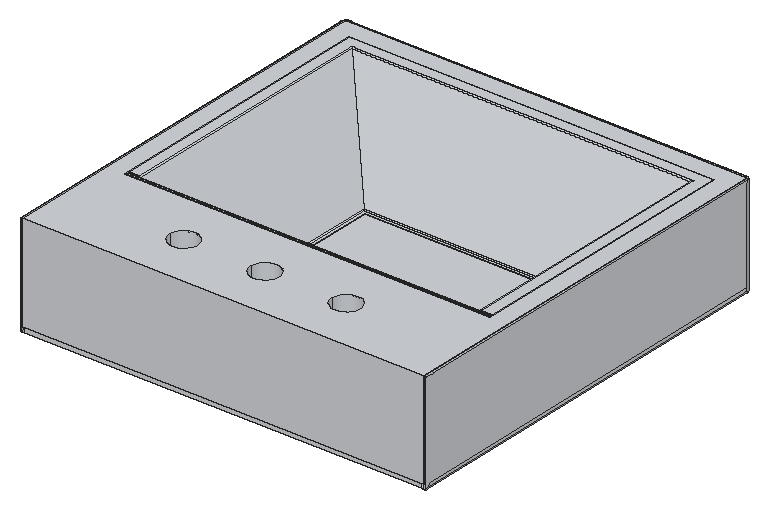
Revit family "M_Sink Bathroom_1", category 위생기구, Revit 2026
Family settings
  원형 커넥터 치수 = 지름 사용
  부품 유형 = 보통
  작업 기준면 기반 = 아니오
  뷰에서 절단 사용 = 아니오
  항상 수직 = 예
  로드될 때 보이드를 사용하여 절단 = 아니오
  주석 방향 유지 = 아니오
  공유 = 아니오
  룸 계산 점 = 아니오
Parameters (values of type "400 x 500mm")
  기본 높이 = 0 mm
  Material = none
  제조업체 = "Revit"
  조합 코드 = "D2010440"
Reference planes
  plane 1 "Center (Front/Back)": y = 0
  plane 2: z = 0
  plane 3 "Center (Left/Right)": x = 0
  plane 4: x = -134.49
  plane 5: x = -249.489
  plane 6: x = -224.489
Forms (mm)
  Sweep 1, solid, material <- "Material"
    path origin (-125, -75, 630) x (1, 0, 0) y (0, 1, 0)
      loop
        line (-99.49, 210) -> (-99.49, 550) -> (349.489, 550) -> (349.489, 210)
    profile origin (0, 305, 0) x (-1, 0, 0) y (0, 0, 1)
      loop
        line (224.489, 745) -> (224.489, 750) -> (210.598, 750)
        arc (210.598, 750) -> (209.628, 749.749) -> (208.902, 749.06) r 2
        line (208.902, 749.06) -> (135.077, 630.94)
        arc (135.077, 630.94) -> (134.351, 630.251) -> (133.381, 630) r 2
        line (133.381, 630) -> (129.136, 630) -> (129.136, 624.958) -> (137.234, 624.958) -> (212.261, 745) -> (224.489, 745)
  Sweep 2, solid, material <- "Material"
    path origin (-125, -75, 630) x (1, 0, 0) y (0, 1, 0)
      loop
        line (-99.49, 205) -> (349.489, 205)
    profile origin (0, 0, 0) x (0, 1, 0) y (0, 0, 1)
      loop
        line (149.827, 631.749) -> (135.102, 748.251)
        arc (135.102, 748.251) -> (134.441, 749.5) -> (133.118, 750) r 2
        line (133.118, 750) -> (129.881, 750) -> (145.686, 624.958) -> (155.686, 624.958) -> (155.686, 630) -> (151.811, 630)
        arc (151.811, 630) -> (150.489, 630.5) -> (149.827, 631.749) r 2
  Extrusion 3, solid, material <- "Material"
    sketch origin (-125, -75, 630) x (1, 0, 0) y (0, 1, 0)
      loop
        arc (-119.49, 573) -> (-121.611, 572.121) -> (-122.49, 570) r 3
        line (-122.49, 570) -> (-122.49, 75) -> (372.489, 75) -> (372.489, 570)
        arc (372.489, 570) -> (371.611, 572.121) -> (369.489, 573) r 3
        line (369.489, 573) -> (-119.49, 573)
      loop
        circle (25.511, 139.361) r 17.5
      loop
        circle (125.511, 139.361) r 17.5
      loop
        circle (225.511, 139.361) r 17.5
      loop
        line (349.489, 550) -> (-99.49, 550) -> (-99.49, 205) -> (349.489, 205) -> (349.489, 550)
    from 0 to 120
  Sweep 4, solid, material <- "Material"
    path origin (-125, -75, 630) x (1, 0, 0) y (0, 1, 0)
      loop
        line (-124.49, 75) -> (-124.49, 570)
        arc (-124.49, 570) -> (-123.025, 573.536) -> (-119.49, 575) r 5
        line (-119.49, 575) -> (369.489, 575)
        arc (369.489, 575) -> (373.025, 573.536) -> (374.489, 570) r 5
        line (374.489, 570) -> (374.489, 75)
    profile origin (0, 247.5, 0) x (-1, 0, 0) y (0, 0, 1)
      loop
        line (247.489, 750) -> (247.489, 625) -> (248.489, 625)
        arc (248.489, 625) -> (249.197, 625.293) -> (249.489, 626) r 1
        line (249.489, 626) -> (249.489, 749)
        arc (249.489, 749) -> (249.197, 749.707) -> (248.489, 750) r 1
        line (248.489, 750) -> (247.489, 750)
  Extrusion 5, solid, material <- "Material"
    sketch origin (-125, -75, 630) x (1, 0, 0) y (0, 1, 0)
      loop
        arc (-124.49, 80) -> (-123.025, 76.464) -> (-119.49, 75) r 5
        line (-119.49, 75) -> (369.489, 75)
        arc (369.489, 75) -> (373.025, 76.464) -> (374.489, 80) r 5
        line (374.489, 80) -> (374.489, 570)
        arc (374.489, 570) -> (373.025, 573.536) -> (369.489, 575) r 5
        line (369.489, 575) -> (-119.49, 575)
        arc (-119.49, 575) -> (-123.025, 573.536) -> (-124.49, 570) r 5
        line (-124.49, 570) -> (-124.49, 80)
      loop
        circle (125.51, 275) r 23
    from -5.042 to 0
Lines and regions (mm)
  symbolic lines
    curve 1: line (-244.489, 500, 0) -> (244.49, 500, 0)
    curve 2: arc (244.49, 500, 0) -> (248.025, 498.536, 0) -> (249.49, 495, 0) r 5
    curve 3: line (249.49, 495, 0) -> (249.49, 5, 0)
    curve 4: arc (249.49, 5, 0) -> (248.025, 1.464, 0) -> (244.49, 0, 0) r 5
    curve 5: line (244.49, 0, 0) -> (-244.489, 0, 0)
    curve 6: arc (-244.489, 0, 0) -> (-248.025, 1.464, 0) -> (-249.489, 5, 0) r 5
    curve 7: line (-249.489, 5, 0) -> (-249.489, 495, 0)
    curve 8: arc (-249.489, 495, 0) -> (-248.025, 498.536, 0) -> (-244.489, 500, 0) r 5
    curve 9: line (-219.489, 475, 0) -> (219.49, 475, 0)
    curve 10: arc (219.49, 475, 0) -> (223.025, 473.536, 0) -> (224.49, 470, 0) r 5
    curve 11: line (224.49, 470, 0) -> (224.49, 135, 0)
    curve 12: arc (224.49, 135, 0) -> (223.025, 131.464, 0) -> (219.49, 130, 0) r 5
    curve 13: line (219.49, 130, 0) -> (-219.489, 130, 0)
    curve 14: arc (-219.489, 130, 0) -> (-223.025, 131.464, 0) -> (-224.489, 135, 0) r 5
    curve 15: line (-224.489, 135, 0) -> (-224.489, 470, 0)
    curve 16: arc (-224.489, 470, 0) -> (-223.025, 473.536, 0) -> (-219.489, 475, 0) r 5
    curve 17: line (124.106, 150.048, 0) -> (-126.022, 150.048, 0)
    curve 18: line (-126.022, 150.048, 0) -> (-129.49, 150.048, 0)
    curve 19: arc (-129.49, 150.048, 0) -> (-133.025, 151.513, 0) -> (-134.49, 155.048, 0) r 5
    curve 20: line (-134.49, 155.048, 0) -> (-134.49, 380, 0)
    curve 21: arc (-134.49, 380, 0) -> (-133.025, 383.536, 0) -> (-129.49, 385, 0) r 5
    curve 22: line (-129.49, 385, 0) -> (130.511, 385, 0)
    curve 23: line (-219.489, 470, 0) -> (-137.619, 388.13, 0)
    curve 24: line (219.49, 470, 0) -> (137.185, 387.696, 0)
    curve 25: line (219.49, 135, 0) -> (139.819, 150.477, 0)
    curve 26: line (-219.489, 135, 0) -> (-139.472, 151.032, 0)
    curve 27: arc (23.511, 200, 0) -> (0.511, 177, 0) -> (-22.489, 200, 0) r 23
    curve 28: arc (-22.489, 200, 0) -> (0.511, 223, 0) -> (23.511, 200, 0) r 23
    curve 29: arc (-36.989, 200, 0) -> (0.511, 237.5, 0) -> (38.011, 200, 0) r 37.5
    curve 30: arc (38.011, 200, 0) -> (0.511, 162.5, 0) -> (-36.989, 200, 0) r 37.5
    curve 31: arc (-16.989, 64.361, 0) -> (0.511, 81.861, 0) -> (18.011, 64.361, 0) r 17.5
    curve 32: arc (18.011, 64.361, 0) -> (0.511, 46.861, 0) -> (-16.989, 64.361, 0) r 17.5
    curve 33: arc (83.011, 64.361, 0) -> (100.511, 81.861, 0) -> (118.011, 64.361, 0) r 17.5
    curve 34: arc (118.011, 64.361, 0) -> (100.511, 46.861, 0) -> (83.011, 64.361, 0) r 17.5
    curve 35: arc (-116.989, 64.361, 0) -> (-99.489, 81.861, 0) -> (-81.989, 64.361, 0) r 17.5
    curve 36: arc (-81.989, 64.361, 0) -> (-99.489, 46.861, 0) -> (-116.989, 64.361, 0) r 17.5
    curve 37: spline (-11.99, 136.838, 0) -> (-11.564, 137.639, 0) -> (-10.315, 138.385, 0) -> (-8.328, 139.026, 0) -> (-5.74, 139.518, 0) -> (-2.725, 139.827, 0) -> (0.51, 139.933, 0) -> (3.746, 139.827, 0) -> (6.76, 139.518, 0) -> (9.349, 139.026, 0) -> (11.336, 138.385, 0) -> (12.585, 137.639, 0) -> (13.01, 136.838, 0)
    curve 38: spline (-11.99, 136.838, 0) -> (-11.564, 136.036, 0) -> (-10.315, 135.29, 0) -> (-8.328, 134.649, 0) -> (-5.74, 134.157, 0) -> (-2.725, 133.848, 0) -> (0.51, 133.742, 0) -> (3.746, 133.848, 0) -> (6.76, 134.157, 0) -> (9.349, 134.649, 0) -> (11.336, 135.29, 0) -> (12.585, 136.036, 0) -> (13.01, 136.838, 0)
    curve 39: arc (130.511, 150.048, 0) -> (134.046, 151.513, 0) -> (135.511, 155.048, 0) r 5
    curve 40: line (135.511, 155.048, 0) -> (135.511, 380, 0)
    curve 41: arc (135.511, 380, 0) -> (134.046, 383.536, 0) -> (130.511, 385, 0) r 5
Dimensions and locks
  locked: curve 1 to curve 5 at 500
  locked: curve 9 to curve 1 at 25
  locked: curve 13 to curve 5 at 130
  locked: curve 17 to curve 13 at 20.048
  locked: curve 22 to curve 17 at 234.952
  locked: curve 22 to curve 9 at 90
  curve 32 to curve 36 to curve 34 to curve 5 = 0 mm, 0 mm, 46.861 mm locked
  curve 27 to curve 30 to curve 17 = 14.5 mm locked, 12.452 mm locked
  locked: curve 38 to curve 13 at 3.742
